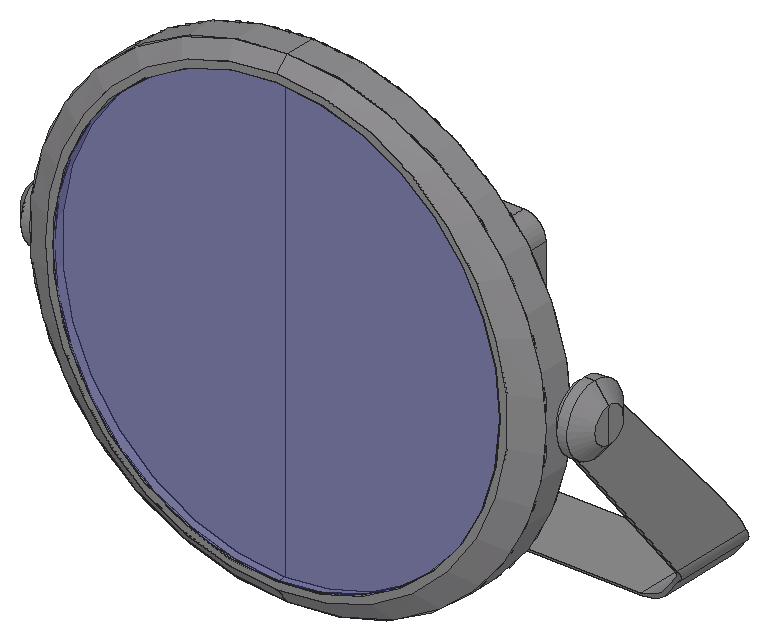
Revit family "APEX-600SP-50701-TR", category Lighting Fixtures, host Face, Revit 2022
Family settings
  Host = Face
  Round Connector Dimension = Use Diameter
  Part Type = Normal
  Cut with Voids When Loaded = Yes
  Light Source = Yes
  Maintain Annotation Orientation = No
  Shared = No
  Room Calculation Point = No
Parameters (values of type "APEX-600SP-600W-5000K-12D")
  Wattage Comments = "600W"
  Wattage = 658.4 W
  built-in parameter 1150110 = 1 (stored number, unit not read)
  URL = "https://www.abovealllighting.com/Product/LED-OUTDOOR-FIXTURES/LEDSportLight/APEXLEDSportLight-TrunnionMount.html"
  built-in parameter 1114217 = 1 (stored number, unit not read)
  Tilt Angle = 90.00°
  built-in parameter 1150109 = 1 (stored number, unit not read)
  built-in parameter 1150134 = 2
  built-in parameter 1150113 = 1 (stored number, unit not read)
  Power Factor = "0.9"
  Photometric Web File = "APEX-600SP-600W-5000K-CRI70-12D.IES"
  Model = "APEX-600SP-50701-TR-12-GY"
  Manufacturer = "Above All Lighting"  # constant formula
  built-in parameter 1150105 = 7782.7 (stored number, unit not read)
  Lumens = 97800 lm
  built-in parameter 1150115 = 1 (stored number, unit not read)
  Load Classification = Lighting
  built-in parameter 1150137 = (empty or 0)
  built-in parameter 1150139 = (empty or 0)
  built-in parameter 1150112 = 1 (stored number, unit not read)
  built-in parameter 1150114 = 1 (stored number, unit not read)
  Lamp = "LED"
  Input Voltage = "120-277V"
  built-in parameter 1150132 = 2
  built-in parameter 1150102 = (empty or 0)
  built-in parameter 1150107 = 5000 (stored number, unit not read)
  built-in parameter 1150138 = (empty or 0)
  built-in parameter 1150106 = 77.827 (stored number, unit not read)
  IP Rating = "IP66"
  IK Rating = "IK08"
  built-in parameter 1150104 = 13.8 (stored number, unit not read)
  Dimming Lamp Color Temperature Shift = <None>
  Default Elevation = 0' - 0"
  Color Filter = 16777215
  CRI = "70"
  Beam Angle = 12.00°
  built-in parameter 1114218 = 1 (stored number, unit not read)
  built-in parameter 1150133 = 10 (stored number, unit not read)
Types (7): name | Photometric Web File | Model | built-in parameter 1150105 | built-in parameter 1150106 | Beam Angle
  (no name) | "APEX-600SP-600W-5000K-CRI70-12D.IES" | "APEX-600SP-50701-TR-12-GY" | 7782.7 (stored number, unit not read) | 77.827 (stored number, unit not read) | 12.00°
  APEX-600SP-600W-5000K-12D | "APEX-600SP-600W-5000K-CRI70-12D.IES" | "APEX-600SP-50701-TR-12-GY" | 7782.7 (stored number, unit not read) | 77.827 (stored number, unit not read) | 12.00°
  APEX-600SP-600W-5000K-17D | "APEX-600SP-600W-5000K-CRI70-17D.IES" | "APEX-600SP-50701-TR-17-GY" | 799551.6 (stored number, unit not read) | 7995.5 (stored number, unit not read) | 17.00°
  APEX-600SP-600W-5000K-22D | "APEX-600SP-600W-5000K-CRI70-22D.IES" | "APEX-600SP-50701-TR-22-GY" | 378450.4 (stored number, unit not read) | 3784.5 (stored number, unit not read) | 22.00°
  APEX-600SP-600W-5000K-30D | "APEX-600SP-600W-5000K-CRI70-30D.IES" | "APEX-600SP-50701-TR-30-GY" | 293550.9 (stored number, unit not read) | 2935.5 (stored number, unit not read) | 30.00°
  APEX-600SP-600W-5000K-45D | "APEX-600SP-600W-5000K-CRI70-45D.IES" | "APEX-600SP-50701-TR-45-GY" | 154025 (stored number, unit not read) | 1540.2 (stored number, unit not read) | 45.00°
  APEX-600SP-600W-5000K-60D | "APEX-600SP-600W-5000K-CRI70-60D.IES" | "APEX-600SP-50701-TR-60-GY" | 102968.3 (stored number, unit not read) | 1029.7 (stored number, unit not read) | 60.00°
Reference planes (in)
  plane 1 "Center (Front/Back)": y = 0
  plane 2: z = 0
  plane 3 "Center (Left/Right)": x = 0
  plane 4: z = 16.77
  plane 5: x = -9.645
  plane 6: x = 9.645
  plane 7: y = 9.68
  plane 8: z = 8.25
Forms (in)
  Extrusion 1, void
    sketch origin (0, 12.75, 0.875) x (1, 0, 0) y (0, 0, 1)
      loop
        line (5.49708, 15.895) -> (5.49708, -1) -> (5.77638, -1) -> (5.77638, 15.895) -> (5.49708, 15.895)
      loop
        line (5.07886, 15.895) -> (5.07886, -1) -> (5.35816, -1) -> (5.35816, 15.895) -> (5.07886, 15.895)
      loop
        line (4.66063, 15.895) -> (4.66063, -1) -> (4.93993, -1) -> (4.93993, 15.895) -> (4.66063, 15.895)
      loop
        line (4.24241, 15.895) -> (4.24241, -1) -> (4.52171, -1) -> (4.52171, 15.895) -> (4.24241, 15.895)
      loop
        line (3.82419, 15.895) -> (3.82419, -1) -> (4.10349, -1) -> (4.10349, 15.895) -> (3.82419, 15.895)
      loop
        line (3.40597, 15.895) -> (3.40597, -1) -> (3.68527, -1) -> (3.68527, 15.895) -> (3.40597, 15.895)
      loop
        line (2.98775, 15.895) -> (2.98775, -1) -> (3.26705, -1) -> (3.26705, 15.895) -> (2.98775, 15.895)
      loop
        line (2.56953, 15.895) -> (2.56953, -1) -> (2.84883, -1) -> (2.84883, 15.895) -> (2.56953, 15.895)
      loop
        line (2.1513, 15.895) -> (2.1513, -1) -> (2.4306, -1) -> (2.4306, 15.895) -> (2.1513, 15.895)
      loop
        line (1.73308, 15.895) -> (1.73308, -1) -> (2.01238, -1) -> (2.01238, 15.895) -> (1.73308, 15.895)
      loop
        line (1.31486, 15.895) -> (1.31486, -1) -> (1.59416, -1) -> (1.59416, 15.895) -> (1.31486, 15.895)
      loop
        line (0.89664, 15.895) -> (0.89664, -1) -> (1.17594, -1) -> (1.17594, 15.895) -> (0.89664, 15.895)
      loop
        line (0.47842, 15.895) -> (0.47842, -1) -> (0.75772, -1) -> (0.75772, 15.895) -> (0.47842, 15.895)
      loop
        line (0.06019, 15.895) -> (0.06019, -1) -> (0.33949, -1) -> (0.33949, 15.895) -> (0.06019, 15.895)
      loop
        line (-5.49708, 15.895) -> (-5.77638, 15.895) -> (-5.77638, -1) -> (-5.49708, -1) -> (-5.49708, 15.895)
      loop
        line (-5.07886, 15.895) -> (-5.35816, 15.895) -> (-5.35816, -1) -> (-5.07886, -1) -> (-5.07886, 15.895)
      loop
        line (-4.66063, 15.895) -> (-4.93993, 15.895) -> (-4.93993, -1) -> (-4.66063, -1) -> (-4.66063, 15.895)
      loop
        line (-4.24241, 15.895) -> (-4.52171, 15.895) -> (-4.52171, -1) -> (-4.24241, -1) -> (-4.24241, 15.895)
      loop
        line (-3.82419, 15.895) -> (-4.10349, 15.895) -> (-4.10349, -1) -> (-3.82419, -1) -> (-3.82419, 15.895)
      loop
        line (-3.40597, 15.895) -> (-3.68527, 15.895) -> (-3.68527, -1) -> (-3.40597, -1) -> (-3.40597, 15.895)
      loop
        line (-2.98775, 15.895) -> (-3.26705, 15.895) -> (-3.26705, -1) -> (-2.98775, -1) -> (-2.98775, 15.895)
      loop
        line (-2.56953, 15.895) -> (-2.84883, 15.895) -> (-2.84883, -1) -> (-2.56953, -1) -> (-2.56953, 15.895)
      loop
        line (-2.1513, 15.895) -> (-2.4306, 15.895) -> (-2.4306, -1) -> (-2.1513, -1) -> (-2.1513, 15.895)
      loop
        line (-1.73308, 15.895) -> (-2.01238, 15.895) -> (-2.01238, -1) -> (-1.73308, -1) -> (-1.73308, 15.895)
      loop
        line (-1.31486, 15.895) -> (-1.59416, 15.895) -> (-1.59416, -1) -> (-1.31486, -1) -> (-1.31486, 15.895)
      loop
        line (-0.89664, 15.88524) -> (-1.17594, 15.88524) -> (-1.17594, -1) -> (-0.89664, -1) -> (-0.89664, 15.88524)
      loop
        line (-0.47842, 15.895) -> (-0.75772, 15.895) -> (-0.75772, -1) -> (-0.47842, -1) -> (-0.47842, 15.895)
      loop
        line (-0.06019, 15.88524) -> (-0.33949, 15.88524) -> (-0.33949, -1) -> (-0.06019, -1) -> (-0.06019, 15.88524)
      loop
        line (6.33352, 15.895) -> (6.33352, -1) -> (6.61282, -1) -> (6.61282, 15.895) -> (6.33352, 15.895)
      loop
        line (5.9153, 15.895) -> (5.9153, -1) -> (6.1946, -1) -> (6.1946, 15.895) -> (5.9153, 15.895)
      loop
        line (-6.33352, 15.895) -> (-6.61282, 15.895) -> (-6.61282, -1) -> (-6.33352, -1) -> (-6.33352, 15.895)
      loop
        line (-5.9153, 15.895) -> (-6.1946, 15.895) -> (-6.1946, -1) -> (-5.9153, -1) -> (-5.9153, 15.895)
    from 10.23915 to 12.25
  Revolve 2, void
    sketch origin (0, 0, 0.875) x (0, 1, 0) y (0, 0, 1)
      loop
        line (-0.23932, 7.625) -> (0.3619, 7.625) -> (0.3619, 15.14569) -> (-0.23932, 15.14569) -> (-0.23932, 7.625)
      axis (0.3619, 7.625) -> (-0.23932, 7.625)
    angle from 0 to 360
  Extrusion 3, solid, material "Default"
    sketch origin (0, 15, 0.875) x (1, 0, 0) y (0, 0, 1)
      loop
        line (3.56354, 10.00409) -> (-3.56354, 10.00409)
        arc (-3.56354, 10.00409) -> (-4.09387, 9.78442) -> (-4.31354, 9.25409) r 0.75
        line (-4.31354, 9.25409) -> (-4.31354, 5.38766)
        arc (-4.31354, 5.38766) -> (-4.09387, 4.85733) -> (-3.56354, 4.63766) r 0.75
        line (-3.56354, 4.63766) -> (3.56354, 4.63766)
        arc (3.56354, 4.63766) -> (4.09387, 4.85733) -> (4.31354, 5.38766) r 0.75
        line (4.31354, 5.38766) -> (4.31354, 9.25409)
        arc (4.31354, 9.25409) -> (4.09387, 9.78442) -> (3.56354, 10.00409) r 0.75
    from 9.10697 to 12.5
  Extrusion 4, solid, material "Default"
    sketch origin (0, 13.40137, 0) x (1, 0, 0) y (0, 0, 1)
      loop
        line (-8.70121, 9.39943) -> (-8.82621, 9.39943) -> (-8.82621, 1.86939)
        arc (-8.82621, 1.86939) -> (-8.75429, 1.545) -> (-8.55202, 1.28139) r 0.76758
        line (-8.55202, 1.28139) -> (-7.7805, 0.40742)
        arc (-7.7805, 0.40742) -> (-7.35535, 0.12718) -> (-6.86229, 0) r 1.54844
        line (-6.86229, 0) -> (0, 0) -> (6.86229, 0)
        arc (6.86229, 0) -> (7.35535, 0.12718) -> (7.7805, 0.40742) r 1.54844
        line (7.7805, 0.40742) -> (8.55202, 1.28139)
        arc (8.55202, 1.28139) -> (8.75429, 1.545) -> (8.82621, 1.86939) r 0.76758
        line (8.82621, 1.86939) -> (8.82621, 9.43609) -> (8.70121, 9.43609) -> (8.70121, 1.86939)
        arc (8.70121, 1.86939) -> (8.6391, 1.59378) -> (8.46478, 1.37144) r 0.64258
        line (8.46478, 1.37144) -> (7.691, 0.49491)
        arc (7.691, 0.49491) -> (7.30431, 0.24128) -> (6.85672, 0.125) r 1.42344
        line (6.85672, 0.125) -> (0, 0.125) -> (-6.85672, 0.125)
        arc (-6.85672, 0.125) -> (-7.30431, 0.24128) -> (-7.691, 0.49491) r 1.42344
        line (-7.691, 0.49491) -> (-8.46478, 1.37144)
        arc (-8.46478, 1.37144) -> (-8.6391, 1.59378) -> (-8.70121, 1.86939) r 0.64258
        line (-8.70121, 1.86939) -> (-8.70121, 9.39943)
    from 3.72137 to 12.65137
  Extrusion 5, void
    sketch origin (0, 0, 0) x (0, 1, 0) y (0, 0, 1)
      loop
        line (7.42362, 3.47912) -> (8.21503, 2.53595)
        spline (8.21503, 2.53595) -> (8.3384, 2.35603) -> (8.46154, 2.169) -> (8.58444, 1.97485) -> (8.70711, 1.77359) -> (8.82954, 1.56522) -> (8.95174, 1.34973) -> (9.07371, 1.12713) -> (9.19543, 0.89741) -> (9.31693, 0.66059) -> (9.43819, 0.41664) -> (9.55921, 0.16559) -> (9.68, -0.09259)
        line (9.68, -0.09259) -> (10.00459, -0.09259) -> (10.00459, 10.05767) -> (-0.78521, 10.05767) -> (-0.78521, -0.09259) -> (6.79517, -0.09259)
        arc (6.79517, -0.09259) -> (6.34939, 0.98297) -> (5.70553, 1.95301) r 6.04009
        line (5.70553, 1.95301) -> (1.08409, 7.63879)
        arc (1.08409, 7.63879) -> (0.91551, 7.94819) -> (0.86927, 8.29748) r 0.96481
        arc (0.86927, 8.29748) -> (1.37193, 9.19526) -> (2.39872, 9.12902) r 0.96481
        line (2.39872, 9.12902) -> (7.42362, 3.47912)
    from -10.46613 to 9.645
  Revolve 6, solid, material "Default"
    sketch origin (-1.2, 1.89632, 0.625) x (1, 0, 0) y (0, 0, 1)
      loop
        line (-7.62621, 7.625) -> (-7.62621, 8.79036) -> (-7.96291, 8.79036) -> (-8.445, 8.21582) -> (-8.445, 7.625) -> (-7.62621, 7.625)
      axis (-7.62621, 7.625) -> (-8.445, 7.625)
    angle from 0 to 360
  Revolve 7, solid, material "Default"
    sketch origin (1.2, 1.89632, 0.625) x (-1, 0, 0) y (0, 0, -1)
      loop
        line (-7.62621, -7.625) -> (-8.445, -7.625) -> (-8.445, -8.21582) -> (-7.96291, -8.79036) -> (-7.62621, -8.79036) -> (-7.62621, -7.625)
      axis (-7.62621, -7.625) -> (-8.445, -7.625)
    angle from 0 to 360
  SweptBlend 8, solid, material "Default"
    path origin (0, 0, 0.875) x (0, 1, 0) y (0, 0, 1)
      loop
        line (0, 7.625) -> (0.48915, 7.625)
    profile origin (0, 0, 8.5) x (0, 0, 1) y (1, 0, 0)
      loop
        circle (0, 0) r 7.75
    end profile origin (0, 0.48915, 8.5) x (0, 0, 1) y (1, 0, 0)
      loop
        spline (8.15681, 0) -> (7.87591, 2.24573) -> (7.05236, 4.33841) -> (5.74227, 6.13544) -> (4.03492, 7.51435) -> (2.04668, 8.38117) -> (-0.08697, 8.67682) -> (-2.22061, 8.38117) -> (-4.20886, 7.51435) -> (-5.9162, 6.13544) -> (-7.22629, 4.33841) -> (-8.04984, 2.24573) -> (-8.33074, 0)
        spline (-8.33074, 0) -> (-8.04984, -2.24573) -> (-7.22629, -4.33841) -> (-5.9162, -6.13544) -> (-4.20886, -7.51435) -> (-2.22061, -8.38117) -> (-0.08697, -8.67682) -> (2.04668, -8.38117) -> (4.03492, -7.51435) -> (5.74227, -6.13544) -> (7.05236, -4.33841) -> (7.87591, -2.24573) -> (8.15681, 0)
  Extrusion 9, solid, material "Glass"
    sketch origin (0, 0, 0.875) x (1, 0, 0) y (0, 0, 1)
      loop
        circle (0, 7.625) r 7.5
    from -0.06301 to 0
  SweptBlend 10, solid, material "Default"
    path origin (0, 0, 0.875) x (0, 1, 0) y (0, 0, 1)
      loop
        line (1.50137, 7.625) -> (2.51085, 7.625)
    profile origin (0, 1.50137, 8.5) x (0, 0, 1) y (1, 0, 0)
      loop
        spline (8.15681, 0) -> (7.87591, 2.24568) -> (7.05236, 4.33832) -> (5.74227, 6.13531) -> (4.03492, 7.51419) -> (2.04668, 8.38099) -> (-0.08697, 8.67664) -> (-2.22061, 8.38099) -> (-4.20886, 7.51419) -> (-5.9162, 6.13531) -> (-7.22629, 4.33832) -> (-8.04984, 2.24568) -> (-8.33074, 0)
        spline (-8.33074, 0) -> (-8.04984, -2.24568) -> (-7.22629, -4.33832) -> (-5.9162, -6.13531) -> (-4.20886, -7.51419) -> (-2.22061, -8.38099) -> (-0.08697, -8.67664) -> (2.04668, -8.38099) -> (4.03492, -7.51419) -> (5.74227, -6.13531) -> (7.05236, -4.33832) -> (7.87591, -2.24568) -> (8.15681, 0)
    end profile origin (0, 2.51085, 8.5) x (0, 0, 1) y (1, 0, 0)
      loop
        circle (0, 0) r 6.5
  Extrusion 11, solid, material "Default"
    sketch origin (0, 0, 0.875) x (1, 0, 0) y (0, 0, 1)
      loop
        spline (0, 15.78181) -> (-2.24143, 15.51513) -> (-4.33328, 14.69933) -> (-6.13156, 13.39058) -> (-7.51248, 11.67896) -> (-8.38098, 9.6823) -> (-8.67728, 7.53803) -> (-8.38098, 5.39377) -> (-7.51248, 3.39711) -> (-6.13156, 1.68549) -> (-4.33328, 0.37674) -> (-2.24143, -0.43906) -> (0, -0.70574)
        spline (0, -0.70574) -> (2.24143, -0.43906) -> (4.33328, 0.37674) -> (6.13156, 1.68549) -> (7.51248, 3.39711) -> (8.38098, 5.39377) -> (8.67728, 7.53803) -> (8.38098, 9.6823) -> (7.51248, 11.67896) -> (6.13156, 13.39058) -> (4.33328, 14.69933) -> (2.24143, 15.51513) -> (0, 15.78181)
    from -1.50137 to -0.48915
  Extrusion 12, solid, material "Default", not visible
    sketch origin (0, 13.40137, 0) x (1, 0, 0) y (0, 0, 1)
      loop
        line (-8.70121, 9.39943) -> (-8.82621, 9.39943) -> (-8.82621, 1.86939)
        arc (-8.82621, 1.86939) -> (-8.75429, 1.545) -> (-8.55202, 1.28139) r 0.76758
        line (-8.55202, 1.28139) -> (-7.7805, 0.40742)
        arc (-7.7805, 0.40742) -> (-7.35535, 0.12718) -> (-6.86229, 0) r 1.54844
        line (-6.86229, 0) -> (0, 0) -> (6.86229, 0)
        arc (6.86229, 0) -> (7.35535, 0.12718) -> (7.7805, 0.40742) r 1.54844
        line (7.7805, 0.40742) -> (8.55202, 1.28139)
        arc (8.55202, 1.28139) -> (8.75429, 1.545) -> (8.82621, 1.86939) r 0.76758
        line (8.82621, 1.86939) -> (8.82621, 9.43609) -> (8.70121, 9.43609) -> (8.70121, 1.86939)
        arc (8.70121, 1.86939) -> (8.6391, 1.59378) -> (8.46478, 1.37144) r 0.64258
        line (8.46478, 1.37144) -> (7.691, 0.49491)
        arc (7.691, 0.49491) -> (7.30431, 0.24128) -> (6.85672, 0.125) r 1.42344
        line (6.85672, 0.125) -> (0, 0.125) -> (-6.85672, 0.125)
        arc (-6.85672, 0.125) -> (-7.30431, 0.24128) -> (-7.691, 0.49491) r 1.42344
        line (-7.691, 0.49491) -> (-8.46478, 1.37144)
        arc (-8.46478, 1.37144) -> (-8.6391, 1.59378) -> (-8.70121, 1.86939) r 0.64258
        line (-8.70121, 1.86939) -> (-8.70121, 9.39943)
    from 3.72137 to 12.65137
  Revolve 13, solid, material "Default", not visible
    sketch origin (-1.2, 1.89632, 0.625) x (1, 0, 0) y (0, 0, 1)
      loop
        line (-7.62621, 7.625) -> (-7.62621, 8.79036) -> (-7.96291, 8.79036) -> (-8.445, 8.21582) -> (-8.445, 7.625) -> (-7.62621, 7.625)
      axis (-7.62621, 7.625) -> (-8.445, 7.625)
    angle from 0 to 360
  Revolve 14, solid, material "Default", not visible
    sketch origin (1.2, 1.89632, 0.625) x (-1, 0, 0) y (0, 0, -1)
      loop
        line (-7.62621, -7.625) -> (-8.445, -7.625) -> (-8.445, -8.21582) -> (-7.96291, -8.79036) -> (-7.62621, -8.79036) -> (-7.62621, -7.625)
      axis (-7.62621, -7.625) -> (-8.445, -7.625)
    angle from 0 to 360
  Extrusion 15, void, not visible
    sketch origin (0, 12.75, 0) x (1, 0, 0) y (0, 0, 1)
      loop
        line (5.49708, 15.895) -> (5.49708, -1) -> (5.77638, -1) -> (5.77638, 15.895) -> (5.49708, 15.895)
      loop
        line (5.07886, 15.895) -> (5.07886, -1) -> (5.35816, -1) -> (5.35816, 15.895) -> (5.07886, 15.895)
      loop
        line (4.66063, 15.895) -> (4.66063, -1) -> (4.93993, -1) -> (4.93993, 15.895) -> (4.66063, 15.895)
      loop
        line (4.24241, 15.895) -> (4.24241, -1) -> (4.52171, -1) -> (4.52171, 15.895) -> (4.24241, 15.895)
      loop
        line (3.82419, 15.895) -> (3.82419, -1) -> (4.10349, -1) -> (4.10349, 15.895) -> (3.82419, 15.895)
      loop
        line (3.40597, 15.895) -> (3.40597, -1) -> (3.68527, -1) -> (3.68527, 15.895) -> (3.40597, 15.895)
      loop
        line (2.98775, 15.895) -> (2.98775, -1) -> (3.26705, -1) -> (3.26705, 15.895) -> (2.98775, 15.895)
      loop
        line (2.56953, 15.895) -> (2.56953, -1) -> (2.84883, -1) -> (2.84883, 15.895) -> (2.56953, 15.895)
      loop
        line (2.1513, 15.895) -> (2.1513, -1) -> (2.4306, -1) -> (2.4306, 15.895) -> (2.1513, 15.895)
      loop
        line (1.73308, 15.895) -> (1.73308, -1) -> (2.01238, -1) -> (2.01238, 15.895) -> (1.73308, 15.895)
      loop
        line (1.31486, 15.895) -> (1.31486, -1) -> (1.59416, -1) -> (1.59416, 15.895) -> (1.31486, 15.895)
      loop
        line (0.89664, 15.895) -> (0.89664, -1) -> (1.17594, -1) -> (1.17594, 15.895) -> (0.89664, 15.895)
      loop
        line (0.47842, 15.895) -> (0.47842, -1) -> (0.75772, -1) -> (0.75772, 15.895) -> (0.47842, 15.895)
      loop
        line (0.06019, 15.895) -> (0.06019, -1) -> (0.33949, -1) -> (0.33949, 15.895) -> (0.06019, 15.895)
      loop
        line (-5.49708, 15.895) -> (-5.77638, 15.895) -> (-5.77638, -1) -> (-5.49708, -1) -> (-5.49708, 15.895)
      loop
        line (-5.07886, 15.895) -> (-5.35816, 15.895) -> (-5.35816, -1) -> (-5.07886, -1) -> (-5.07886, 15.895)
      loop
        line (-4.66063, 15.895) -> (-4.93993, 15.895) -> (-4.93993, -1) -> (-4.66063, -1) -> (-4.66063, 15.895)
      loop
        line (-4.24241, 15.895) -> (-4.52171, 15.895) -> (-4.52171, -1) -> (-4.24241, -1) -> (-4.24241, 15.895)
      loop
        line (-3.82419, 15.895) -> (-4.10349, 15.895) -> (-4.10349, -1) -> (-3.82419, -1) -> (-3.82419, 15.895)
      loop
        line (-3.40597, 15.895) -> (-3.68527, 15.895) -> (-3.68527, -1) -> (-3.40597, -1) -> (-3.40597, 15.895)
      loop
        line (-2.98775, 15.895) -> (-3.26705, 15.895) -> (-3.26705, -1) -> (-2.98775, -1) -> (-2.98775, 15.895)
      loop
        line (-2.56953, 15.895) -> (-2.84883, 15.895) -> (-2.84883, -1) -> (-2.56953, -1) -> (-2.56953, 15.895)
      loop
        line (-2.1513, 15.895) -> (-2.4306, 15.895) -> (-2.4306, -1) -> (-2.1513, -1) -> (-2.1513, 15.895)
      loop
        line (-1.73308, 15.895) -> (-2.01238, 15.895) -> (-2.01238, -1) -> (-1.73308, -1) -> (-1.73308, 15.895)
      loop
        line (-1.31486, 15.895) -> (-1.59416, 15.895) -> (-1.59416, -1) -> (-1.31486, -1) -> (-1.31486, 15.895)
      loop
        line (-0.89664, 15.88524) -> (-1.17594, 15.88524) -> (-1.17594, -1) -> (-0.89664, -1) -> (-0.89664, 15.88524)
      loop
        line (-0.47842, 15.895) -> (-0.75772, 15.895) -> (-0.75772, -1) -> (-0.47842, -1) -> (-0.47842, 15.895)
      loop
        line (-0.06019, 15.88524) -> (-0.33949, 15.88524) -> (-0.33949, -1) -> (-0.06019, -1) -> (-0.06019, 15.88524)
      loop
        line (6.33352, 15.895) -> (6.33352, -1) -> (6.61282, -1) -> (6.61282, 15.895) -> (6.33352, 15.895)
      loop
        line (5.9153, 15.895) -> (5.9153, -1) -> (6.1946, -1) -> (6.1946, 15.895) -> (5.9153, 15.895)
      loop
        line (-6.33352, 15.895) -> (-6.61282, 15.895) -> (-6.61282, -1) -> (-6.33352, -1) -> (-6.33352, 15.895)
      loop
        line (-5.9153, 15.895) -> (-6.1946, 15.895) -> (-6.1946, -1) -> (-5.9153, -1) -> (-5.9153, 15.895)
    from 10.23915 to 12.25
  Revolve 16, void, not visible
    sketch origin (0, 0, 0) x (0, 1, 0) y (0, 0, 1)
      loop
        line (-0.23932, 7.625) -> (0.3619, 7.625) -> (0.3619, 15.14569) -> (-0.23932, 15.14569) -> (-0.23932, 7.625)
      axis (0.3619, 7.625) -> (-0.23932, 7.625)
    angle from 0 to 360
  Extrusion 17, solid, material "Default", not visible
    sketch origin (0, 15, 0) x (1, 0, 0) y (0, 0, 1)
      loop
        line (3.56354, 10.00409) -> (-3.56354, 10.00409)
        arc (-3.56354, 10.00409) -> (-4.09387, 9.78442) -> (-4.31354, 9.25409) r 0.75
        line (-4.31354, 9.25409) -> (-4.31354, 5.38766)
        arc (-4.31354, 5.38766) -> (-4.09387, 4.85733) -> (-3.56354, 4.63766) r 0.75
        line (-3.56354, 4.63766) -> (3.56354, 4.63766)
        arc (3.56354, 4.63766) -> (4.09387, 4.85733) -> (4.31354, 5.38766) r 0.75
        line (4.31354, 5.38766) -> (4.31354, 9.25409)
        arc (4.31354, 9.25409) -> (4.09387, 9.78442) -> (3.56354, 10.00409) r 0.75
    from 9.10697 to 12.5
  SweptBlend 18, solid, material "Default", not visible
    path origin (0, 0, 0) x (0, 1, 0) y (0, 0, 1)
      loop
        line (0, 7.625) -> (0.48915, 7.625)
    profile origin (0, 0, 7.625) x (0, 0, 1) y (1, 0, 0)
      loop
        circle (0, 0) r 7.75
    end profile origin (0, 0.48915, 7.625) x (0, 0, 1) y (1, 0, 0)
      loop
        spline (8.15681, 0) -> (7.87591, 2.24573) -> (7.05236, 4.33841) -> (5.74227, 6.13544) -> (4.03492, 7.51435) -> (2.04668, 8.38117) -> (-0.08697, 8.67682) -> (-2.22061, 8.38117) -> (-4.20886, 7.51435) -> (-5.9162, 6.13544) -> (-7.22629, 4.33841) -> (-8.04984, 2.24573) -> (-8.33074, 0)
        spline (-8.33074, 0) -> (-8.04984, -2.24573) -> (-7.22629, -4.33841) -> (-5.9162, -6.13544) -> (-4.20886, -7.51435) -> (-2.22061, -8.38117) -> (-0.08697, -8.67682) -> (2.04668, -8.38117) -> (4.03492, -7.51435) -> (5.74227, -6.13544) -> (7.05236, -4.33841) -> (7.87591, -2.24573) -> (8.15681, 0)
  Extrusion 19, solid, material "Glass", not visible
    sketch origin (0, 0, 0) x (1, 0, 0) y (0, 0, 1)
      loop
        circle (0, 7.625) r 7.5
    from -0.06301 to 0
  SweptBlend 20, solid, material "Default", not visible
    path origin (0, 0, 0) x (0, 1, 0) y (0, 0, 1)
      loop
        line (1.50137, 7.625) -> (2.51085, 7.625)
    profile origin (0, 1.50137, 7.625) x (0, 0, 1) y (1, 0, 0)
      loop
        spline (8.15681, 0) -> (7.87591, 2.24568) -> (7.05236, 4.33832) -> (5.74227, 6.13531) -> (4.03492, 7.51419) -> (2.04668, 8.38099) -> (-0.08697, 8.67664) -> (-2.22061, 8.38099) -> (-4.20886, 7.51419) -> (-5.9162, 6.13531) -> (-7.22629, 4.33832) -> (-8.04984, 2.24568) -> (-8.33074, 0)
        spline (-8.33074, 0) -> (-8.04984, -2.24568) -> (-7.22629, -4.33832) -> (-5.9162, -6.13531) -> (-4.20886, -7.51419) -> (-2.22061, -8.38099) -> (-0.08697, -8.67664) -> (2.04668, -8.38099) -> (4.03492, -7.51419) -> (5.74227, -6.13531) -> (7.05236, -4.33832) -> (7.87591, -2.24568) -> (8.15681, 0)
    end profile origin (0, 2.51085, 7.625) x (0, 0, 1) y (1, 0, 0)
      loop
        circle (0, 0) r 6.5
  Extrusion 21, solid, material "Default", not visible
    sketch origin (0, 0, 0) x (1, 0, 0) y (0, 0, 1)
      loop
        spline (0, 15.78181) -> (-2.24143, 15.51513) -> (-4.33328, 14.69933) -> (-6.13156, 13.39058) -> (-7.51248, 11.67896) -> (-8.38098, 9.6823) -> (-8.67728, 7.53803) -> (-8.38098, 5.39377) -> (-7.51248, 3.39711) -> (-6.13156, 1.68549) -> (-4.33328, 0.37674) -> (-2.24143, -0.43906) -> (0, -0.70574)
        spline (0, -0.70574) -> (2.24143, -0.43906) -> (4.33328, 0.37674) -> (6.13156, 1.68549) -> (7.51248, 3.39711) -> (8.38098, 5.39377) -> (8.67728, 7.53803) -> (8.38098, 9.6823) -> (7.51248, 11.67896) -> (6.13156, 13.39058) -> (4.33328, 14.69933) -> (2.24143, 15.51513) -> (0, 15.78181)
    from -1.50137 to -0.48915
Cuts and joins
  Extrusion 5 cuts Extrusion 4
  Revolve 2 cuts SweptBlend 8
  Extrusion 1 cuts SweptBlend 10
Dimensions and locks (in)
  aligned and locked: plane 2 to host face
  aligned and locked: level to host face
Automatic sketch dimensions
  host sketch curve to host sketch curve = 8' - 0"  (x2)
  Extrusion 3 sketch curve to Extrusion 3 sketch curve = 0' - 0 3/4"  (x3)
  Revolve 6 sketch curve to Revolve 6 sketch curve = 0' - 0.3367"
  Revolve 6 sketch curve to Revolve 6 sketch curve = 0' - 0.59082"
  Revolve 6 sketch curve to Revolve 6 sketch curve = 0' - 0.57453"
  Revolve 7 sketch curve to Revolve 7 sketch curve = 0' - 0.3367"
  Revolve 7 sketch curve to Revolve 7 sketch curve = 0' - 0.57453"
  SweptBlend 8 sketch curve to SweptBlend 8 sketch curve = 0' - 0.48915"
  SweptBlend 10 sketch curve to SweptBlend 10 sketch curve = 0' - 1.00948"
  Revolve 6 sketch curve to Revolve 6 sketch curve = 0' - 0.48209"
  Revolve 6 sketch curve to Revolve 6 sketch curve = 4' - 3.97368"
  Revolve 6 sketch curve to Revolve 6 sketch curve = 6' - 0.97162"
  Revolve 6 sketch curve to Revolve 6 sketch curve = 0' - 0"
  Revolve 7 sketch curve to Revolve 7 sketch curve = 0' - 0.48209"
  Revolve 7 sketch curve to Revolve 7 sketch curve = 0' - 0.59082"
  Revolve 7 sketch curve to Revolve 7 sketch curve = 4' - 3.97368"
  Revolve 7 sketch curve to Revolve 7 sketch curve = 6' - 0.97162"
  Revolve 7 sketch curve to Revolve 7 sketch curve = 0' - 0"
  Revolve 13 sketch curve to Revolve 13 sketch curve = 0' - 0.3367"
  Revolve 13 sketch curve to Revolve 13 sketch curve = 0' - 0.59082"
  Revolve 13 sketch curve to Revolve 13 sketch curve = 0' - 0.57453"
  Revolve 14 sketch curve to Revolve 14 sketch curve = 0' - 0.3367"
  Revolve 14 sketch curve to Revolve 14 sketch curve = 0' - 0.57453"
  Revolve 13 sketch curve to Revolve 13 sketch curve = 0' - 0.48209"
  Revolve 13 sketch curve to Revolve 13 sketch curve = 4' - 3.97368"
  Revolve 13 sketch curve to Revolve 13 sketch curve = 6' - 0.97162"
  Revolve 13 sketch curve to Revolve 13 sketch curve = 0' - 0"
  Revolve 14 sketch curve to Revolve 14 sketch curve = 0' - 0.48209"
  Revolve 14 sketch curve to Revolve 14 sketch curve = 0' - 0.59082"
  Revolve 14 sketch curve to Revolve 14 sketch curve = 4' - 3.97368"
  Revolve 14 sketch curve to Revolve 14 sketch curve = 6' - 0.97162"
  Revolve 14 sketch curve to Revolve 14 sketch curve = 0' - 0"
  Extrusion 3 sketch curve to Extrusion 3 sketch curve = 0' - 7.12708"
  Extrusion 3 sketch curve to Extrusion 3 sketch curve = 0' - 0"  (x2)
  Extrusion 3 sketch curve to Extrusion 3 sketch curve = 0' - 3.86643"
  Extrusion 17 sketch curve to Extrusion 17 sketch curve = 0' - 0 3/4"  (x3)
  SweptBlend 18 sketch curve to SweptBlend 18 sketch curve = 0' - 0.48915"
  SweptBlend 20 sketch curve to SweptBlend 20 sketch curve = 0' - 1.00948"
  Extrusion 17 sketch curve to Extrusion 17 sketch curve = 0' - 7.12708"
  Extrusion 17 sketch curve to Extrusion 17 sketch curve = 0' - 0"  (x2)
  Extrusion 17 sketch curve to Extrusion 17 sketch curve = 0' - 3.86643"
  Extrusion 4 sketch curve to Extrusion 4 sketch curve = 0' - 0"  (x9)
  Extrusion 4 sketch curve to Extrusion 4 sketch curve = 0' - 0 1/8"  (x3)
  Extrusion 4 sketch curve to Extrusion 4 sketch curve = 0' - 0.14919"
  Extrusion 4 sketch curve to Extrusion 4 sketch curve = 0' - 0.08724"  (x2)
  Extrusion 4 sketch curve to Extrusion 4 sketch curve = 0' - 0.64258"
  Extrusion 4 sketch curve to Extrusion 4 sketch curve = 0' - 0.77152"
  Extrusion 4 sketch curve to Extrusion 4 sketch curve = 0' - 0.0895"  (x2)
  Extrusion 4 sketch curve to Extrusion 4 sketch curve = 0' - 0.8287"
  Extrusion 4 sketch curve to Extrusion 4 sketch curve = 0' - 0.00557"  (x2)
  Extrusion 4 sketch curve to Extrusion 4 sketch curve = 0' - 1.33129"  (x2)
  Extrusion 4 sketch curve to Extrusion 4 sketch curve = 0' - 6.85672"
  Extrusion 4 sketch curve to Extrusion 4 sketch curve = 0' - 6.72734"
  Extrusion 4 sketch curve to Extrusion 4 sketch curve = 0' - 0.12938"
  Extrusion 4 sketch curve to Extrusion 4 sketch curve = 0' - 0.83428"
  Extrusion 4 sketch curve to Extrusion 4 sketch curve = 0' - 0.40615"
  Extrusion 4 sketch curve to Extrusion 4 sketch curve = 0' - 0.23643"
  Extrusion 4 sketch curve to Extrusion 4 sketch curve = 0' - 0.28242"  (x2)
  Extrusion 4 sketch curve to Extrusion 4 sketch curve = 0' - 0.87397"  (x2)
  Extrusion 4 sketch curve to Extrusion 4 sketch curve = 0' - 7.5667"
  Extrusion 4 sketch curve to Extrusion 4 sketch curve = 0' - 7.53004"
  Extrusion 12 sketch curve to Extrusion 12 sketch curve = 0' - 0"  (x9)
  Extrusion 12 sketch curve to Extrusion 12 sketch curve = 0' - 0 1/8"  (x3)
  Extrusion 12 sketch curve to Extrusion 12 sketch curve = 0' - 0.14919"
  Extrusion 12 sketch curve to Extrusion 12 sketch curve = 0' - 0.08724"  (x2)
  Extrusion 12 sketch curve to Extrusion 12 sketch curve = 0' - 0.64258"
  Extrusion 12 sketch curve to Extrusion 12 sketch curve = 0' - 0.77152"
  Extrusion 12 sketch curve to Extrusion 12 sketch curve = 0' - 0.0895"  (x2)
  Extrusion 12 sketch curve to Extrusion 12 sketch curve = 0' - 0.8287"
  Extrusion 12 sketch curve to Extrusion 12 sketch curve = 0' - 0.00557"  (x2)
  Extrusion 12 sketch curve to Extrusion 12 sketch curve = 0' - 1.33129"  (x2)
  Extrusion 12 sketch curve to Extrusion 12 sketch curve = 0' - 6.85672"
  Extrusion 12 sketch curve to Extrusion 12 sketch curve = 0' - 6.72734"
  Extrusion 12 sketch curve to Extrusion 12 sketch curve = 0' - 0.12938"
  Extrusion 12 sketch curve to Extrusion 12 sketch curve = 0' - 0.83428"
  Extrusion 12 sketch curve to Extrusion 12 sketch curve = 0' - 0.40615"
  Extrusion 12 sketch curve to Extrusion 12 sketch curve = 0' - 0.23643"
  Extrusion 12 sketch curve to Extrusion 12 sketch curve = 0' - 0.28242"  (x2)
  Extrusion 12 sketch curve to Extrusion 12 sketch curve = 0' - 0.87397"  (x2)
  Extrusion 12 sketch curve to Extrusion 12 sketch curve = 0' - 7.5667"
  Extrusion 12 sketch curve to Extrusion 12 sketch curve = 0' - 7.53004"
  Extrusion 11 sketch curve to Extrusion 11 sketch curve = 0' - 0.06845"  (x3)
  Extrusion 11 sketch curve to Extrusion 11 sketch curve = 0' - 8.24378"
  Extrusion 21 sketch curve to Extrusion 21 sketch curve = 0' - 0.06845"  (x3)
  Extrusion 21 sketch curve to Extrusion 21 sketch curve = 0' - 8.24378"
  SweptBlend 8 sketch curve to profile plane = 0' - 0"  (x3)
  profile plane to SweptBlend 8 sketch curve = 0' - 8.33074"
  profile plane to SweptBlend 8 sketch curve = 0' - 0.08697"
  SweptBlend 18 sketch curve to profile plane = 0' - 0"  (x3)
  profile plane to SweptBlend 18 sketch curve = 0' - 8.33074"
  profile plane to SweptBlend 18 sketch curve = 0' - 0.08697"
  Revolve 2 sketch curve to Revolve 2 sketch curve = 0' - 0.60122"
  Revolve 2 sketch curve to Revolve 2 sketch curve = 0' - 7.52069"
  Revolve 2 sketch curve to Revolve 2 sketch curve = 0' - 10.55235"
  Revolve 2 sketch curve to Revolve 2 sketch curve = 1' - 3.0681"
  Revolve 2 sketch curve to Revolve 2 sketch curve = 0' - 0"
  Revolve 16 sketch curve to Revolve 16 sketch curve = 0' - 0.60122"
  Revolve 16 sketch curve to Revolve 16 sketch curve = 0' - 7.52069"
  Revolve 16 sketch curve to Revolve 16 sketch curve = 0' - 10.55235"
  Revolve 16 sketch curve to Revolve 16 sketch curve = 1' - 3.0681"
  Revolve 16 sketch curve to Revolve 16 sketch curve = 0' - 0"
  SweptBlend 10 sketch curve to profile plane = 0' - 0"  (x3)
  SweptBlend 20 sketch curve to profile plane = 0' - 0"  (x3)
  profile plane to SweptBlend 10 sketch curve = 0' - 8.33074"
  profile plane to SweptBlend 10 sketch curve = 0' - 0.08697"
  profile plane to SweptBlend 20 sketch curve = 0' - 8.33074"
  profile plane to SweptBlend 20 sketch curve = 0' - 0.08697"
  Extrusion 1 sketch curve to Extrusion 1 sketch curve = 0' - 0.2793"  (x32)
  Extrusion 1 sketch curve to Extrusion 1 sketch curve = 0' - 0.13892"  (x30)
  Extrusion 1 sketch curve to Extrusion 1 sketch curve = 0' - 0.12039"
  Extrusion 1 sketch curve to Extrusion 1 sketch curve = 0' - 0"  (x58)
  Extrusion 1 sketch curve to Extrusion 1 sketch curve = 1' - 4.88524"
  Extrusion 1 sketch curve to Extrusion 1 sketch curve = 0' - 0.00976"  (x4)
  Extrusion 15 sketch curve to Extrusion 15 sketch curve = 0' - 0.2793"  (x32)
  Extrusion 15 sketch curve to Extrusion 15 sketch curve = 0' - 0.13892"  (x30)
  Extrusion 15 sketch curve to Extrusion 15 sketch curve = 0' - 0.12039"
  Extrusion 15 sketch curve to Extrusion 15 sketch curve = 0' - 0"  (x58)
  Extrusion 15 sketch curve to Extrusion 15 sketch curve = 1' - 4.88524"
  Extrusion 15 sketch curve to Extrusion 15 sketch curve = 0' - 0.00976"  (x4)
  Extrusion 5 sketch curve to plane 7 = 0' - 0"
  Extrusion 5 sketch curve to plane 7 = 0' - 1.46497"
  Extrusion 5 sketch curve to Extrusion 5 sketch curve = 0' - 0.79141"
  Extrusion 5 sketch curve to level = 0' - 0.09259"  (x2)
  Extrusion 5 sketch curve to plane 7 = 0' - 2.88483"
  level to Extrusion 5 sketch curve = 0' - 1.95301"
  Extrusion 5 sketch curve to Extrusion 5 sketch curve = 0' - 1.71808"
  Extrusion 5 sketch curve to plane 8 = 0' - 0.87902"
  Extrusion 5 sketch curve to plane 1 "Center (Front/Back)" = 0' - 2.39872"
  Extrusion 5 sketch curve to plane 8 = 0' - 0.09763"
  Extrusion 5 sketch curve to Extrusion 5 sketch curve = 0' - 0.56594"
  plane 8 to Extrusion 5 sketch curve = 0' - 0.00267"
  Extrusion 5 sketch curve to Extrusion 5 sketch curve = 0' - 0"
  plane 8 to Extrusion 5 sketch curve = 0' - 0.61121"
  Extrusion 5 sketch curve to Extrusion 5 sketch curve = 0' - 0.74869"
  Extrusion 5 sketch curve to plane 1 "Center (Front/Back)" = 0' - 1.01845"
  plane 1 "Center (Front/Back)" to Extrusion 5 sketch curve = 0' - 0.78521"
  plane 7 to Extrusion 5 sketch curve = 0' - 0.32459"
  level to Extrusion 5 sketch curve = 0' - 2.53595"
  Extrusion 5 sketch curve to Extrusion 5 sketch curve = 0' - 0.94317"
  Extrusion 5 sketch curve to plane 8 = 0' - 1.80767"
  radius of SweptBlend 8 sketch curve = 0' - 7 3/4"
  radius of SweptBlend 18 sketch curve = 0' - 7 3/4"
  radius of Extrusion 9 sketch curve = 0' - 7 1/2"
  radius of Extrusion 19 sketch curve = 0' - 7 1/2"
  radius of SweptBlend 10 sketch curve = 0' - 6 1/2"
  radius of SweptBlend 20 sketch curve = 0' - 6 1/2"
